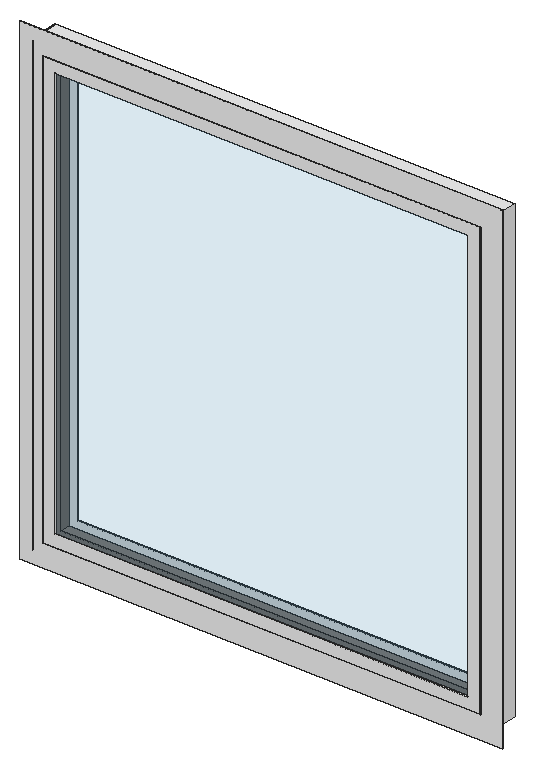
Revit family "Casement_34_I_Top_Hung_Custom", category Windows, host Wall, Revit 2014
Parameters (values of type "Casement_Sash_DG")
  Width Sash [instance] = 30 mm
  Width Sash Inner = 15 mm
  Width Bead = 15 mm
  Top Hung [instance] = yes
  Side Hung Right [instance] = yes
  Side Hung Left [instance] = yes
  Sash Opening Width [instance] = 600 mm
  Sash Opening Height [instance] = 600.312 mm
  Sash Lip = 15 mm
  Glazing Material [instance] = Glass
  DG Start Piece 2 [instance] = DG End Piece 1 + DG Gasket Thickness  # 25 mm
  DG Start Peice 1 [instance] = (Depth Sash - (2 * DG Glazing Thickness) - DG Gasket Thickness) / 2  # 6.6 mm
  Glazing Offset = 5 mm
  DG Glazing Thickness [instance] = 6.4 mm
  DG Gasket Thickness = 12 mm  # constant formula
  DG Gasket Material [instance] = Double Glazing Gasket Material
  DG End Piece 2 [instance] = DG Start Piece 2 + DG Glazing Thickness  # 31.4 mm
  DG End Piece 1 [instance] = DG Start Peice 1 + DG Glazing Thickness  # 13 mm
  Depth Sash [instance] = 38 mm
  Center Vertical Sash [instance] = Sash Opening Height / 2  # 300.156 mm
  Center Horizontal Sash [instance] = Sash Opening Width / 2  # 300 mm
  Bottom Hung [instance] = yes
  Bead Offset = 15 mm
  Aluminium Thickness = 1 mm
  Aluminium Material [instance] = White Powder Coated Aluminium
Reference planes
  plane 1 "Center (Front/Back)": y = 0
  plane 2: z = 0
  plane 3 "Center (Left/Right)": x = 0
Forms (mm)
  Sweep 1, solid, material "White Powder Coated Aluminium" <- "Aluminium Material"
    path origin (16.177, 0, 121.331) x (1, 0, 0) y (0, 0, 1)
      loop
        line (0, 0) -> (600, 0) -> (600, 600.312) -> (0, 600.312) -> (0, 0)
    profile origin (316.177, 0, 121.331) x (0, 0, 1) y (0, -1, 0)
      loop
        line (0, 0) -> (30, 0) -> (30, 1) -> (15, 1) -> (15, 38) -> (-15, 38) -> (-15, 37) -> (0, 37) -> (0, 0)
      loop
        line (14, 1) -> (14, 37) -> (1, 37) -> (1, 1) -> (14, 1)
  Sweep 2, solid, material "White Powder Coated Aluminium" <- "Aluminium Material"
    path origin (0, 0, 0) x (1, 0, 0) y (0, 0, 1)
      loop
        line (31.177, 706.643) -> (31.177, 136.331) -> (601.177, 136.331) -> (601.177, 706.643) -> (31.177, 706.643)
    profile origin (316.177, 0, 706.643) x (0, 0, 1) y (0, -1, 0)
      loop
        line (0, 37) -> (0, 38) -> (-15, 38) -> (-15, 37) -> (0, 37)
  Extrusion 3, solid, material "Glass" <- "Glazing Material"
    sketch origin (0, 0, 0) x (1, 0, 0) y (0, 0, 1)
      loop
        line (36.177, 701.643) -> (36.177, 141.331) -> (596.177, 141.331) -> (596.177, 701.643) -> (36.177, 701.643)
    from 6.6 <- "DG Start Peice 1" to 13 <- "DG End Piece 1"
  Extrusion 4, solid, material "Glass" <- "Glazing Material"
    sketch origin (0, 0, 0) x (1, 0, 0) y (0, 0, 1)
      loop
        line (36.177, 701.643) -> (36.177, 141.331) -> (596.177, 141.331) -> (596.177, 701.643) -> (36.177, 701.643)
    from 31.4 <- "DG End Piece 2" to 25 <- "DG Start Piece 2"
  Sweep 5, solid, material "Double Glazing Gasket Material" <- "DG Gasket Material"
    path origin (0, -13, 0) x (1, 0, 0) y (0, 0, 1)
      loop
        line (36.177, 701.643) -> (36.177, 141.331) -> (596.177, 141.331) -> (596.177, 701.643) -> (36.177, 701.643)
    profile origin (316.177, -13, 701.643) x (0, 0, 1) y (0, -1, 0)
      loop
        line (0, 0) -> (0, 12) -> (-7.96, 12) -> (-7.96, 0) -> (0, 0)
Lines and regions (mm)
  model lines
    curve 1: line (1.177, -38, 736.643) -> (31.177, -38, 706.643)
    curve 2: line (601.177, -38, 706.643) -> (631.177, -38, 736.643)
    curve 3: line (601.177, -38, 136.331) -> (631.177, -38, 106.331)
    curve 4: line (1.177, -38, 106.331) -> (31.177, -38, 136.331)
    curve 5: line (631.177, -37, 736.643) -> (616.177, -37, 721.643)
    curve 6: line (1.177, -37, 736.643) -> (16.177, -37, 721.643)
    curve 7: line (1.177, -37, 106.331) -> (16.177, -37, 121.331)
    curve 8: line (631.177, -37, 106.331) -> (616.177, -37, 121.331)
    curve 9: line (616.177, 0, 121.331) -> (586.177, 0, 151.331)
    curve 10: line (46.177, 0, 151.331) -> (16.177, 0, 121.331)
    curve 11: line (616.177, 0, 721.643) -> (586.177, 0, 691.643)
    curve 12: line (46.177, 0, 691.643) -> (16.177, 0, 721.643)
    curve 13: line (31.177, -38, 691.643) -> (46.177, -38, 691.643)
    curve 14: line (586.177, -38, 691.643) -> (601.177, -38, 691.643)
    curve 15: line (586.177, -38, 151.331) -> (601.177, -38, 151.331)
    curve 16: line (31.177, -38, 151.331) -> (46.177, -38, 151.331)
  model lines, style "GenericModelHiddenLines", visible <- "Top Hung"
    curve 17: line (46.386, -31.4, 690.914) -> (316.177, -31.4, 151.331)
    curve 18: line (316.177, -31.4, 151.331) -> (586.177, -31.4, 691.331)
  model lines, style "GenericModelHiddenLines", visible <- "Bottom Hung"
    curve 19: line (46.177, -31.4, 151.331) -> (316.177, -31.4, 691.331)
    curve 20: line (316.177, -31.4, 691.331) -> (586.177, -31.4, 151.331)
  model lines, style "GenericModelHiddenLines", visible <- "Side Hung Left"
    curve 21: line (46.386, -31.4, 690.914) -> (585.24, -31.4, 421.487)
    curve 22: line (585.24, -31.4, 421.487) -> (46.177, -31.4, 151.331)
  model lines, style "GenericModelHiddenLines", visible <- "Side Hung Right"
    curve 23: line (586.177, -31.4, 691.331) -> (46.177, -31.4, 421.487)
    curve 24: line (46.177, -31.4, 421.487) -> (586.177, -31.4, 151.331)
Dimensions and locks
  "Aluminium Thickness": Sweep 1 sketch curve to Sweep 1 sketch curve  (x4)
  "Depth Sash": Sweep 1 sketch curve to Sweep 1 sketch curve
  "Sash Opening Width": Sweep 1 to Sweep 1
  "Sash Opening Height": Sweep 1 to Sweep 1
  "Width Sash": Sweep 1 sketch curve to Sweep 1 sketch curve  (x2)
  "Width Sash Inner": Sweep 1 sketch curve to Sweep 1 sketch curve
  "Sash Lip": Sweep 1 sketch curve to Sweep 1 sketch curve
  "Aluminium Thickness": Sweep 1 to Sweep 2 sketch curve
  "Glazing Offset": Sweep 2 to Extrusion 3 sketch curve  (x3)
  "Glazing Offset": Extrusion 3 sketch curve to Sweep 2
  Sweep 1 to Sweep 1 = 1 mm
  "Aluminium Thickness": Sweep 2 sketch curve to Sweep 2 sketch curve
  "Width Bead": Sweep 2 sketch curve to Sweep 2 sketch curve
  locked: Sweep 5 sketch curve to Sweep 5 sketch curve at 7.96
  "Center Horizontal Sash": Sweep 1 to curve 18
  "Center Horizontal Sash": Sweep 1 to curve 20
  "Center Vertical Sash": Sweep 1 to curve 22
  "Center Vertical Sash": Sweep 1 to curve 24
  aligned and locked: level to plane 2
  aligned and locked: Sweep 1 sketch curve to Sweep 1 sketch curve  (x2)
  aligned and locked: Sweep 2 sketch curve to Sweep 1  (x5)
  aligned and locked: Extrusion 4 sketch curve to Extrusion 3  (x4)
  aligned and locked: Sweep 5 sketch curve to Extrusion 3  (x5)
  aligned and locked: Extrusion 3 to Sweep 5 sketch curve
Automatic sketch dimensions
  plane 3 "Center (Left/Right)" to Sweep 1 sketch curve = 16.177 mm
  level to Sweep 1 sketch curve = 121.331 mm
  plane 3 "Center (Left/Right)" to Sweep 1 sketch curve = 616.177 mm
  level to Sweep 1 sketch curve = 721.643 mm
  profile plane to Sweep 5 sketch curve = 12 mm
  curve 7 to Sweep 1 = 0 mm  (x4)
  curve 6 to Sweep 1 = 0 mm  (x3)
  Sweep 1 to curve 6 = 0 mm
  curve 5 to Sweep 1 = 0 mm  (x3)
  curve 8 to Sweep 1 = 0 mm  (x4)
  Sweep 1 to curve 5 = 0 mm
  curve 16 to Sweep 2 = 0 mm  (x3)
  curve 13 to Sweep 2 = 0 mm  (x3)
  curve 15 to Sweep 2 = 0 mm
  Sweep 2 to curve 15 = 0 mm  (x2)
  curve 14 to Sweep 2 = 0 mm  (x2)
  Sweep 2 to curve 14 = 0 mm
  curve 1 to Sweep 1 = 0 mm  (x4)
  curve 4 to Sweep 1 = 0 mm  (x3)
  Sweep 1 to curve 4 = 0 mm
  curve 3 to Sweep 1 = 0 mm  (x3)
  curve 2 to Sweep 1 = 0 mm  (x4)
  Sweep 1 to curve 3 = 0 mm
  curve 10 to Sweep 1 = 0 mm  (x4)
  curve 12 to Sweep 1 = 0 mm  (x3)
  Sweep 1 to curve 12 = 0 mm
  curve 9 to Sweep 1 = 0 mm  (x4)
  curve 11 to Sweep 1 = 0 mm  (x3)
  Sweep 1 to curve 11 = 0 mm
  Sweep 1 sketch curve to plane 1 "Center (Front/Back)" = 0 mm
  profile plane to Sweep 1 sketch curve = 0 mm
  curve 21 to Extrusion 4 = 10.208 mm
  curve 19 to Extrusion 4 = 10 mm
  curve 23 to Extrusion 4 = 10 mm  (x2)
  curve 22 to Extrusion 4 = 10.937 mm
  curve 20 to Extrusion 4 = 10 mm
  curve 24 to Extrusion 4 = 10 mm
  curve 22 to Extrusion 4 = 10 mm
  curve 18 to Extrusion 4 = 10 mm
  curve 21 to Extrusion 4 = 10.729 mm
  curve 19 to Extrusion 4 = 10.312 mm
  curve 18 to Extrusion 4 = 10.312 mm
